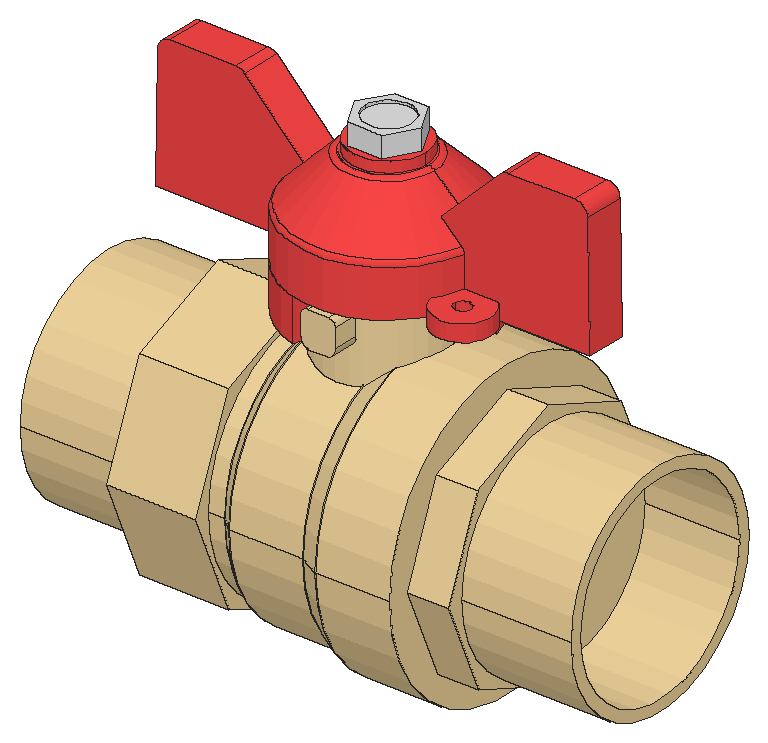
Revit family "Temper_88_КранШаровый-НН_Бабочка", category Арматура трубопроводов, Revit 2019
Family settings
  Размер круглого соединителя = Использовать диаметр
  Тип детали = Вставляется
  На основе рабочей плоскости = Нет
  Всегда вертикально = Да
  При загрузке вырезать с полостями = Нет
  Общий = Нет
Parameters (values of type "DN 20")
  Угол [instance] = 135.00°  # constant formula
  ТВ1 = "temper"  # constant formula
  ТВ = "НН"  # constant formula
  Разработчик = "https://3dbim.pro/"
  Изготовитель = "ООО «ТД «Темпер»"  # constant formula
  Длина УГО [instance] = L  # 66 mm
  L8 [instance] = S1 * 1.1  # 13.2 mm
  K1 [instance] = size_lookup(ТВ, "SW1", 10 mm, ADSK_Диаметр условный)  # 28 mm
  K [instance] = size_lookup(ТВ, "SW", 10 mm, ADSK_Диаметр условный)  # 31 mm
  S2 [instance] = size_lookup(ТВ1, "C", 10 mm, ADSK_Диаметр условный, N)  # 12 mm
  S1 [instance] = size_lookup(ТВ1, "C", 10 mm, ADSK_Диаметр условный, N)  # 12 mm
  N = 11  # constant formula
  L7 [instance] = size_lookup(ТВ, "L7", 10 mm, ADSK_Диаметр условный)  # 5 mm
  L6 [instance] = (L - L1 - L2 - L3 - L5 - L7 - 2 * L8) / 2  # 8.875 mm
  L5 [instance] = size_lookup(ТВ, "L5", 10 mm, ADSK_Диаметр условный)  # 2.6 mm
  L4 [instance] = L6  # 8.875 mm
  L3 [instance] = size_lookup(ТВ, "L3", 10 mm, ADSK_Диаметр условный)  # 1.6 mm
  L2 [instance] = size_lookup(ТВ, "L2", 10 mm, ADSK_Диаметр условный)  # 2 mm
  L1 [instance] = size_lookup(ТВ, "L1", 10 mm, ADSK_Диаметр условный)  # 10.65 mm
  L [instance] = size_lookup(ТВ1, "L", 10 mm, ADSK_Диаметр условный, N)  # 66 mm
  G1 [instance] = G * 0.9  # 23.85 mm
  G [instance] = size_lookup(ТВ, "G", 10 mm, ADSK_Диаметр условный)  # 26.5 mm
  F [instance] = size_lookup(ТВ, "F", 10 mm, ADSK_Диаметр условный)  # 15.75 mm
  ET2 [instance] = 0.21 * ET  # 8.295 mm
  ET1 [instance] = 0.4 * ET  # 15.8 mm
  ET [instance] = size_lookup(ТВ1, "B", 10 mm, ADSK_Диаметр условный, N)  # 39.5 mm
  E [instance] = size_lookup(ТВ, "E", 10 mm, ADSK_Диаметр условный)  # 33.5 mm
  D3 [instance] = size_lookup(ТВ, "D3", 10 mm, ADSK_Диаметр условный)  # 35.5 mm
  D2 [instance] = size_lookup(ТВ, "D2", 10 mm, ADSK_Диаметр условный)  # 32.75 mm
  D1 [instance] = size_lookup(ТВ, "D1", 10 mm, ADSK_Диаметр условный)  # 30 mm
  AT [instance] = size_lookup(ТВ1, "A1", 10 mm, ADSK_Диаметр условный, N)  # 52 mm
  ADSK_Этаж [instance] = ""
  ADSK_Расход жидкости [instance] = 0.0 L/s
  ADSK_Примечание [instance] = ""
  ADSK_Потеря давления жидкости [instance] = 0.0 Pa
  ADSK_Позиция = ""
  ADSK_Обозначение = "ГОСТ Р 59553-2021"  # constant formula
  ADSK_Наименование краткое = "Кран шаровой латунный Temper"  # constant formula
  ADSK_Наименование = size_lookup(ТВ1, "ADSK_Наименование", "", ADSK_Диаметр условный, N)  # "Кран шаровой латунный Temper DN20 (34”) PN40 наружнаянаружная бабочка"
  ADSK_Материал = Латунь ЛС59-1В
  ADSK_Масса_Текст = size_lookup(ТВ1, "ADSK_Масса_Текст", "", ADSK_Диаметр условный, N)  # "0.217"
  ADSK_Масса = size_lookup(ТВ1, "ADSK_Масса", 0, ADSK_Диаметр условный, N)  # 0.217
  ADSK_Марка = size_lookup(ТВ1, "ADSK_Код изделия", "", ADSK_Диаметр условный, N)  # "8820ННБ3440"
  ADSK_Количество = 1  # constant formula
  ADSK_Код изделия = size_lookup(ТВ1, "ADSK_Код изделия", "", ADSK_Диаметр условный, N)  # "8820ННБ3440"
  ADSK_Зона [instance] = ""
  ADSK_Завод-изготовитель = "ООО «ТД «Темпер»"  # constant formula
  ADSK_Единица измерения = "шт."  # constant formula
  ADSK_Диаметр условный = 20 mm
  ADSK_Группирование [instance] = ""
  ADSK_Версия семейства = "v1.0"  # constant formula
  ADSK_Версия Revit = "2019"  # constant formula
  ADSK_URL страницы изделия = "https://brass.temper.ru/en"
  ADSK_URL документации изделия = "https://brass.temper.ru/en"
Types (3, lengths in mm): name | Длина УГО | L8 | K1 | K | S2 | S1 | L7 | L6 | L4 | L3 | L1 | L | G1 | G | ET2 | ET1 | ET | E | D3 | D2 | D1 | ADSK_Наименование | ADSK_Масса_Текст | ADSK_Масса | ADSK_Марка | ADSK_Код изделия | ADSK_Диаметр условный
  (no name) | 66 | 13.2 | 28 | 31 | 12 | 12 | 5 | 8.875 | 8.875 | 1.6 | 10.65 | 66 | 23.85 | 26.5 | 8.295 | 15.8 | 39.5 | 33.5 | 35.5 | 32.75 | 30 | "Кран шаровой латунный Temper DN20 (34”) PN40 наружнаянаружная бабочка" | "0.217" | 0.217 | "8820ННБ3440" | "8820ННБ3440" | 20
  DN 15 | 64 | 12.1 | 22 | 25.5 | 11 | 11 | 7 | 8.515 | 8.515 | 1.5 | 9.67 | 64 | 19.35 | 21.5 | 7.875 | 15 | 37.5 | 32.5 | 29.5 | 26.8 | 24.5 | "Кран шаровой латунный Temper DN15 (12”) PN40 наружнаянаружная бабочка" | "0.162" | 0.162 | "8815ННБ1240" | "8815ННБ1240" | 15
  DN 20 | 66 | 13.2 | 28 | 31 | 12 | 12 | 5 | 8.875 | 8.875 | 1.6 | 10.65 | 66 | 23.85 | 26.5 | 8.295 | 15.8 | 39.5 | 33.5 | 35.5 | 32.75 | 30 | "Кран шаровой латунный Temper DN20 (34”) PN40 наружнаянаружная бабочка" | "0.217" | 0.217 | "8820ННБ3440" | "8820ННБ3440" | 20
Reference planes
  plane 1 "По центру (Вперед/Назад)": y = 0
  plane 2: z = 0
  plane 3 "По центру (Влево/Вправо)": x = 0
  plane 4: x = -20.3
  plane 5: x = 19.3
  plane 6: x = -9.65
  plane 7: x = -7.65
  plane 8: x = -6.05
  plane 9: x = 2.825
  plane 10: x = 5.425
  plane 11: x = 14.3
  plane 12: z = 23.7
  plane 13: z = 39.5
  plane 14: x = 32.5
  plane 15: x = 20.5
  plane 16: x = -33.5
  plane 17: x = -26
  plane 18: x = 26
  plane 19: x = -21.5
Forms (mm)
  Extrusion 1, solid, material "Латунь ЛС59-1В" <- "ADSK_Материал", detail levels fine
    sketch origin (-18.841, 0, -5.999) x (0, 1, 0) y (0, 0, 1)
      loop
        circle (0, 5.999) r 15
    from 9.191 to 11.191
  Extrusion 2, solid, material "Латунь ЛС59-1В" <- "ADSK_Материал", detail levels fine
    sketch origin (-18.841, -37.917, 10.096) x (0, 1, 0) y (0, 0, 1)
      loop
        circle (37.917, -10.096) r 16.375
    from 12.791 to 21.666
  Extrusion 3, solid, material "Латунь ЛС59-1В" <- "ADSK_Материал", detail levels fine
    sketch origin (-18.841, -79.208, 7.932) x (0, 1, 0) y (0, 0, 1)
      loop
        circle (79.208, -7.932) r 17.75
    from 24.266 to 33.141
  Blend 4, solid, material "Латунь ЛС59-1В" <- "ADSK_Материал", detail levels fine
    base sketch origin (-18.841, 0, -5.999) x (0, 1, 0) y (0, 0, 1)
      loop
        circle (0, 5.999) r 15
    top sketch origin (-18.841, 0, -5.999) x (0, 1, 0) y (0, 0, 1)
      loop
        circle (0, 5.999) r 16.375
    from 11.191 to 12.791
  Blend 5, solid, material "Латунь ЛС59-1В" <- "ADSK_Материал", detail levels fine
    base sketch origin (-18.841, -33.951, 12.82) x (0, 1, 0) y (0, 0, 1)
      loop
        circle (33.951, -12.82) r 17.75
    top sketch origin (-18.841, -33.951, 12.82) x (0, 1, 0) y (0, 0, 1)
      loop
        circle (33.951, -12.82) r 16.375
    from 24.266 to 21.666
  Extrusion 6, solid, material "Латунь ЛС59-1В" <- "ADSK_Материал", detail levels fine
    sketch origin (0, 0, 0) x (1, 0, 0) y (0, 1, 0)
      loop
        circle (0, 0) r 7.875
    from 0 to 23.7
  Extrusion 7, solid, material "Латунь ЛС59-1В" <- "ADSK_Материал", detail levels fine
    sketch origin (-0.106, -0.025, -0.026) x (0, 1, 0) y (0, 0, 1)
      loop
        line (-11.842, 11.885) -> (-16.752, 0.02) -> (-11.834, -11.842) -> (0.031, -16.751) -> (11.893, -11.833) -> (16.802, 0.032) -> (11.884, 11.893) -> (0.019, 16.803) -> (-11.842, 11.885)
    from -20.194 to -9.544
  Extrusion 8, solid, material "Латунь ЛС59-1В" <- "ADSK_Материал", detail levels fine
    sketch origin (87.39, -0.618, -0.151) x (0, 1, 0) y (0, 0, 1)
      loop
        line (-10.203, 10.759) -> (-14.534, 0) -> (-9.99, -10.67) -> (0.769, -15.002) -> (11.439, -10.457) -> (15.771, 0.301) -> (11.226, 10.972) -> (0.468, 15.303) -> (-10.203, 10.759)
    from -73.09 to -68.09
  Extrusion 9, void
    sketch origin (0, 0, 0) x (0, 1, 0) y (0, 0, 1)
      loop
        circle (0, 0) r 13.25
    from -20.3 to -9.4
  Extrusion 10, void
    sketch origin (0, 0, 0) x (0, 1, 0) y (0, 0, 1)
      loop
        circle (0, 0) r 11.925
    from 21.125 to 32.5
  Extrusion 11, solid, material "Латунь ЛС59-1В" <- "ADSK_Материал", detail levels fine
    sketch origin (0, 0, 0) x (0, 1, 0) y (0, 0, 1)
      loop
        circle (0, 0) r 13.25
    from 19.3 to 32.5
  Extrusion 12, solid, material "Латунь ЛС59-1В" <- "ADSK_Материал", detail levels fine
    sketch origin (0, 0, 0) x (0, 1, 0) y (0, 0, 1)
      loop
        circle (0, 0) r 13.25
    from -33.5 to -20.3
  Extrusion 13, void
    sketch origin (0, 0, 0) x (0, 1, 0) y (0, 0, 1)
      loop
        circle (0, 0) r 11.925
    from -33.5 to -21.5
Cuts and joins
  Extrusion 9, Extrusion 10, Extrusion 13 cuts Extrusion 2
  Extrusion 9, Extrusion 10, Extrusion 13 cuts Extrusion 3
  Extrusion 9, Extrusion 10, Extrusion 13 cuts Blend 5
  Extrusion 9, Extrusion 10, Extrusion 13 cuts Extrusion 6
  Extrusion 9, Extrusion 10, Extrusion 13 cuts Extrusion 8
  Extrusion 9 cuts Extrusion 7
  Extrusion 10, Extrusion 13 cuts Extrusion 11
  Extrusion 13 cuts Extrusion 12
Dimensions and locks
  "L1": plane 6 to plane 4
  "L2": plane 7 to plane 6
  "L3": plane 8 to plane 7
  "L4": plane 9 to plane 8
  "L5": plane 10 to plane 9
  "L6": plane 11 to plane 10
  "L7": plane 5 to plane 11
  "K": Extrusion 7 sketch curve to Extrusion 7 sketch curve  (x4)
  equal spacing: Extrusion 7 sketch curve, plane 1 "По центру (Вперед/Назад)", Extrusion 7 sketch curve  (x4)
  "K1": Extrusion 8 sketch curve to Extrusion 8 sketch curve  (x4)
  equal spacing: Extrusion 8 sketch curve, plane 1 "По центру (Вперед/Назад)", Extrusion 8 sketch curve  (x4)
  "ET": plane 13 to plane 2
  "ET1": plane 13 to plane 12
  "L8": plane 14 to plane 5
  "S2": plane 15 to plane 14
  "L8": plane 4 to plane 16
  plane 14 to plane 16 = 66 mm
  "E": plane 3 "По центру (Влево/Вправо)" to plane 16
  "AT": plane 17 to plane 18
  equal spacing: plane 17, plane 3 "По центру (Влево/Вправо)", plane 18
  "S2": plane 19 to plane 16
  "D1": diameter of Extrusion 1 sketch curve
  "D2": diameter of Extrusion 2 sketch curve
  "D3": diameter of Extrusion 3 sketch curve
  "D1": diameter of Blend 4 sketch curve
  "D2": diameter of Blend 4 sketch curve
  "D3": diameter of Blend 5 sketch curve
  "D2": diameter of Blend 5 sketch curve
  "F": diameter of Extrusion 6 sketch curve
  "G": diameter of Extrusion 9 sketch curve
  "G1": diameter of Extrusion 10 sketch curve
  "G": diameter of Extrusion 11 sketch curve
  "G": diameter of Extrusion 12 sketch curve
  "G1": diameter of Extrusion 13 sketch curve
  angle Extrusion 7 sketch curve to Extrusion 7 sketch curve = 135.00°  (x8)
  angle Extrusion 8 sketch curve to Extrusion 8 sketch curve = 135.00°  (x8)
  aligned and locked: level to plane 2
  aligned and locked: plane 2 to Extrusion 1 sketch curve
  aligned and locked: plane 1 "По центру (Вперед/Назад)" to Extrusion 1 sketch curve
  aligned and locked: level to Blend 4 sketch curve  (x2)
  aligned and locked: plane 1 "По центру (Вперед/Назад)" to Blend 4 sketch curve  (x2)
  aligned and locked: level to Extrusion 2 sketch curve
  aligned and locked: plane 1 "По центру (Вперед/Назад)" to Extrusion 2 sketch curve
  aligned and locked: level to Blend 5 sketch curve  (x2)
  aligned and locked: plane 1 "По центру (Вперед/Назад)" to Blend 5 sketch curve  (x2)
  aligned and locked: level to Extrusion 3 sketch curve
  aligned and locked: plane 1 "По центру (Вперед/Назад)" to Extrusion 3 sketch curve
  aligned and locked: Extrusion 1 to plane 6
  aligned and locked: plane 7 to Extrusion 1
  aligned and locked: Blend 4 to plane 7
  aligned and locked: plane 8 to Blend 4
  aligned and locked: Extrusion 2 to plane 8
  aligned and locked: plane 9 to Extrusion 2
  aligned and locked: Blend 5 to plane 9
  aligned and locked: plane 10 to Blend 5
  aligned and locked: Extrusion 3 to plane 10
  aligned and locked: plane 11 to Extrusion 3
  aligned and locked: plane 1 "По центру (Вперед/Назад)" to Extrusion 6 sketch curve
  aligned and locked: plane 3 "По центру (Влево/Вправо)" to Extrusion 6 sketch curve
  aligned and locked: Extrusion 6 to level
  aligned and locked: Extrusion 7 to plane 4
  aligned and locked: plane 6 to Extrusion 7
  aligned and locked: Extrusion 8 to plane 11
  aligned and locked: plane 5 to Extrusion 8
  aligned and locked: Extrusion 9 to plane 4
  aligned and locked: nested 1 to plane 1 "По центру (Вперед/Назад)"
  aligned and locked: plane 12 to Extrusion 6
  aligned and locked: Extrusion 11 to plane 14
  aligned and locked: Extrusion 11 to plane 5
  aligned and locked: Extrusion 10 to plane 14
  aligned and locked: nested 1 to plane 14
  aligned and locked: plane 4 to Extrusion 12
  aligned and locked: Extrusion 12 to plane 16
  aligned and locked: nested 2 to plane 12
  aligned and locked: plane 3 "По центру (Влево/Вправо)" to nested 2
  aligned and locked: plane 1 "По центру (Вперед/Назад)" to nested 2
  aligned and locked: nested 1 to Extrusion 13
  aligned and locked: plane 19 to Extrusion 13
Automatic sketch dimensions
  Extrusion 7 sketch curve to level = 0.006 mm
  Extrusion 8 sketch curve to level = 0.151 mm
  Extrusion 9 sketch curve to level = 0 mm
  Extrusion 9 sketch curve to plane 1 "По центру (Вперед/Назад)" = 0 mm
  Extrusion 10 sketch curve to level = 0 mm
  Extrusion 10 sketch curve to plane 1 "По центру (Вперед/Назад)" = 0 mm
  Extrusion 11 sketch curve to level = 0 mm
  Extrusion 11 sketch curve to plane 1 "По центру (Вперед/Назад)" = 0 mm
  Extrusion 12 sketch curve to level = 0 mm
  Extrusion 12 sketch curve to plane 1 "По центру (Вперед/Назад)" = 0 mm
  Extrusion 13 sketch curve to level = 0 mm
  Extrusion 13 sketch curve to plane 1 "По центру (Вперед/Назад)" = 0 mm
Nested families
  nested 1: "УГО_АТ_Кран шаровой проходной" at (-0.5, 0, 0) x (1, 0, 0) z (0, 1, 0), УГО_Длина <- "Длина УГО", type "УГО_АТ_Кран шаровой проходной", detail levels coarse+medium
    with УГО_Длина 66 mm, d 6.6 mm, a 33 mm
  nested 2: "Вл_бабочка" at (0, 0, 23.7), Диаметр <- "ADSK_Диаметр условный", type "Красная", detail levels fine
    with Диаметры 25 и 32 no, Диаметры 15 и 20 yes, Диаметр 20 mm
Connectors
  piping at (-33.5, 0, 0), diameter 20, driven by "ADSK_Диаметр условный", driven by "ADSK_Расход жидкости", driven by "ADSK_Потеря давления жидкости"
    settings: on cut or joined group of Extrusion 12, Extrusion 13, index 1, connector inside diameter 609.6 mm, connector length 0 mm, flow factor 0, pipe flow 0.0 L/s, pressure drop 0.0 Pa, fitting loss kfactor 0, connector angle 0.00°, fixture units 0, engagement length 0 mm, angle of deflection 0.00°, flow configuration 0, flow direction 0, fitting loss method 4, system type 29, joint type 0, gender type 0, connector reference index 2, connector utility 0, adjustable connector no, is connector primary yes, connector description ""
  piping at (32.5, 0, 0), diameter 20, driven by "ADSK_Диаметр условный", driven by "ADSK_Расход жидкости"
    settings: on cut or joined group of Extrusion 10, Extrusion 11, Extrusion 13, index 2, connector inside diameter 609.6 mm, connector length 0 mm, flow factor 0, pipe flow 0.0 L/s, pressure drop 0.0 Pa, fitting loss kfactor 0, connector angle 0.00°, fixture units 0, engagement length 0 mm, angle of deflection 0.00°, flow configuration 0, flow direction 0, fitting loss method 0, system type 29, joint type 0, gender type 0, connector reference index 1, connector utility 0, adjustable connector no, is connector primary no, connector description ""
Definition of nested family "УГО_АТ_Кран шаровой проходной"
  Parameters (values of type "УГО_АТ_Кран шаровой проходной")
    УГО_Длина [instance] = 60 mm
    d [instance] = УГО_Длина / 10  # 6 mm
    a [instance] = УГО_Длина / 2  # 30 mm
  Reference planes
    plane 1 "По центру (Вперед/Назад)": y = 0
    plane 2: z = 0
    plane 3 "По центру (Влево/Вправо)": x = 0
    plane 4: x = -30
    plane 5: x = 30
  Forms (mm)
    Extrusion 1, solid
      sketch origin (0, 0, 0) x (1, 0, 0) y (0, 0, 1)
        loop
          line (0, 0) -> (-30, 17.321) -> (-30, -17.321) -> (0, 0)
      from -0.5 to 0.5
    Extrusion 2, solid
      sketch origin (0, 0, 0) x (-1, 0, 0) y (0, 0, -1)
        loop
          line (0, 0) -> (-30, 17.321) -> (-30, -17.321) -> (0, 0)
      from -0.5 to 0.5
    Extrusion 3, solid
      sketch origin (0, 0, 0) x (1, 0, 0) y (0, 0, 1)
        loop
          circle (0, 0) r 6
      from -1 to 1
  Cuts and joins
    joined: Extrusion 1, Extrusion 2, Extrusion 3
  Dimensions and locks
    "a": plane 3 "По центру (Влево/Вправо)" to plane 4
    "a": plane 5 to plane 3 "По центру (Влево/Вправо)"
    "d": radius of Extrusion 3 sketch curve
    locked: plane 2 to Extrusion 2 sketch curve (angle 30.00°)
    locked: Extrusion 2 sketch curve to plane 2 (angle 30.00°)
    locked: Extrusion 1 sketch curve to plane 2 (angle 30.00°)
    locked: plane 2 to Extrusion 1 sketch curve (angle 30.00°)
    aligned and locked: level to plane 2
    aligned and locked: plane 3 "По центру (Влево/Вправо)" to Extrusion 3 sketch curve
    aligned and locked: plane 2 to Extrusion 3 sketch curve
  Automatic sketch dimensions
    Extrusion 1 sketch curve to plane 4 = 0 mm
    Extrusion 1 sketch curve to level = 0 mm
    Extrusion 1 sketch curve to plane 3 "По центру (Влево/Вправо)" = 0 mm
    plane 5 to Extrusion 2 sketch curve = 0 mm
    Extrusion 2 sketch curve to level = 0 mm
    Extrusion 2 sketch curve to plane 3 "По центру (Влево/Вправо)" = 0 mm
Definition of nested family "Вл_бабочка"
  Parameters (values of type "Красная")
    Материал = none
    Диаметры 25 и 32 [instance] = or(Диаметр = 25 mm, Диаметр = 32 mm)  # yes
    Диаметры 15 и 20 [instance] = or(Диаметр = 15 mm, Диаметр = 20 mm)  # no
    Диаметр [instance] = 25 mm
  Reference planes
    plane 1 "По центру (Вперед/Назад)": y = 0
    plane 2: z = 0
    plane 3 "По центру (Влево/Вправо)": x = 0
  Forms (mm)
    Revolve 1, solid, material <- "Материал", visible <- "Диаметры 15 и 20"
      sketch origin (0, 0, 0) x (1, 0, 0) y (0, 0, 1)
        loop
          line (11.2, -5) -> (11.2, 0) -> (8.506, 0) -> (8.506, -5) -> (11.2, -5)
        axis (0, 0) -> (0, -5)
      angle from 13 to 76
    Revolve 2, solid, material <- "Материал", visible <- "Диаметры 15 и 20"
      sketch origin (0, 0, 0) x (-1, 0, 0) y (0, 0, 1)
        loop
          line (11.2, -5) -> (11.2, 0) -> (8.5, 0) -> (8.5, -5) -> (11.2, -5)
        axis (0, 0) -> (0, -5)
      angle from -76 to -13
    Extrusion 3, solid, visible <- "Диаметры 15 и 20"
      sketch origin (0, 0, 0) x (1, 0, 0) y (0, 0, 1)
        loop
          arc (0.858, -5.252) -> (1.706, -4.901) -> (2.058, -4.052) r 1.2
          line (2.058, -4.052) -> (2.058, -1.792)
          arc (2.058, -1.792) -> (1.824, -1.227) -> (1.258, -0.992) r 0.8
          line (1.258, -0.992) -> (-1.258, -0.992)
          arc (-1.258, -0.992) -> (-1.824, -1.227) -> (-2.058, -1.792) r 0.8
          line (-2.058, -1.792) -> (-2.058, -4.052)
          arc (-2.058, -4.052) -> (-1.706, -4.901) -> (-0.858, -5.252) r 1.2
          line (-0.858, -5.252) -> (0.858, -5.252)
      from 0 to 10.5
    Revolve 4, solid, material <- "Материал", visible <- "Диаметры 15 и 20"
      sketch origin (0, 0, 0) x (1, 0, 0) y (0, 0, 1)
        loop
          line (-5.543, 11.707) -> (-10.907, 6.343)
          arc (-10.907, 6.343) -> (-11.124, 6.018) -> (-11.2, 5.636) r 1
          line (-11.2, 5.636) -> (-11.2, 0) -> (0, 0) -> (0, 12) -> (-4.836, 12)
          arc (-4.836, 12) -> (-5.218, 11.924) -> (-5.543, 11.707) r 1
        axis (0, 0) -> (0, 12)
      angle from 0 to 360
    Extrusion 5, solid, material <- "Материал", visible <- "Диаметры 15 и 20"
      sketch origin (0, 0, 0) x (1, 0, 0) y (0, 0, 1)
        loop
          line (26, 0) -> (25.773, 14.773)
          arc (25.773, 14.773) -> (25.325, 15.819) -> (24.273, 16.25) r 1.5
          line (24.273, 16.25) -> (16.371, 16.25)
          arc (16.371, 16.25) -> (15.797, 16.136) -> (15.311, 15.811) r 1.5
          line (15.311, 15.811) -> (1.71, 2.21) -> (1.71, 0) -> (26, 0)
        loop
          line (-26, 0) -> (-1.71, 0) -> (-1.71, 2.21) -> (-15.311, 15.811)
          arc (-15.311, 15.811) -> (-15.797, 16.136) -> (-16.371, 16.25) r 1.5
          line (-16.371, 16.25) -> (-24.273, 16.25)
          arc (-24.273, 16.25) -> (-25.325, 15.819) -> (-25.773, 14.773) r 1.5
          line (-25.773, 14.773) -> (-26, 0)
      from 2.375 to -2.375
    Extrusion 6, solid, material <- "Материал", visible <- "Диаметры 15 и 20"
      sketch origin (0, 0, 0) x (1, 0, 0) y (0, 1, 0)
        loop
          circle (0, 0) r 4.5
      from 12 to 13.27
    Extrusion 7, solid, visible <- "Диаметры 15 и 20"
      sketch origin (0, 0, 0) x (1, 0, 0) y (0, 1, 0)
        loop
          line (-2.021, 3.5) -> (-4.041, 0) -> (-2.021, -3.5) -> (2.021, -3.5) -> (4.041, 0) -> (2.021, 3.5) -> (-2.021, 3.5)
        loop
          circle (0, 0) r 2.8
      from 13.27 to 15.77
    Extrusion 8, solid, visible <- "Диаметры 15 и 20"
      sketch origin (0, 0, 0) x (1, 0, 0) y (0, 1, 0)
        loop
          circle (0, 0) r 2.8
      from 13.27 to 15.5
    Extrusion 9, solid, material <- "Материал", visible <- "Диаметры 15 и 20"
      sketch origin (0, 0, 0) x (1, 0, 0) y (0, 1, 0)
        loop
          arc (9.664, -5.661) -> (14.777, -7.992) -> (14.953, -2.375) r 3.375
          line (14.953, -2.375) -> (10.945, -2.375)
          arc (10.945, -2.375) -> (10.435, -4.069) -> (9.664, -5.661) r 11.2
        loop
          arc (14.953, 2.375) -> (14.777, 7.992) -> (9.664, 5.661) r 3.375
          arc (9.664, 5.661) -> (10.435, 4.069) -> (10.945, 2.375) r 11.2
          line (10.945, 2.375) -> (14.953, 2.375)
        loop
          circle (12.996, 5.125) r 1
        loop
          circle (12.996, -5.125) r 1
      from 0 to 2
    Extrusion 10, solid, material <- "Материал", visible <- "Диаметры 25 и 32"
      sketch origin (0, 0, 0) x (1, 0, 0) y (0, 0, 1)
        loop
          line (-32.134, 16.772) -> (-32.5, 0) -> (-6.434, 0) -> (-18.564, 17.324)
          arc (-18.564, 17.324) -> (-18.922, 17.637) -> (-19.383, 17.75) r 1
          line (-19.383, 17.75) -> (-31.134, 17.75)
          arc (-31.134, 17.75) -> (-31.834, 17.465) -> (-32.134, 16.772) r 1
        loop
          arc (32.134, 16.772) -> (31.834, 17.465) -> (31.134, 17.75) r 1
          line (31.134, 17.75) -> (19.383, 17.75)
          arc (19.383, 17.75) -> (18.922, 17.637) -> (18.564, 17.324) r 1
          line (18.564, 17.324) -> (6.434, 0) -> (32.5, 0) -> (32.134, 16.772)
      from -2.625 to 2.625
    Revolve 11, solid, material <- "Материал", visible <- "Диаметры 25 и 32"
      sketch origin (0, 0, 0) x (1, 0, 0) y (0, 0, 1)
        loop
          line (-15.1, 0) -> (0, 0) -> (0, 8.75) -> (-8.969, 8.75)
          arc (-8.969, 8.75) -> (-9.359, 8.707) -> (-9.73, 8.581) r 1.8
          line (-9.73, 8.581) -> (-14.465, 6.373)
          arc (-14.465, 6.373) -> (-14.928, 5.968) -> (-15.1, 5.377) r 1.1
          line (-15.1, 5.377) -> (-15.1, 0)
        axis (0, 0) -> (0, 8.75)
      angle from 0 to 360
    Revolve 12, solid, material <- "Материал", visible <- "Диаметры 25 и 32"
      sketch origin (0, 0, 0) x (1, 0, 0) y (0, 0, 1)
        loop
          line (15.1, -6) -> (15.1, 0) -> (11.5, 0) -> (11.5, -6) -> (15.1, -6)
        axis (0, -6) -> (0, 0)
      angle from 13 to 76
    Revolve 13, solid, material <- "Материал", visible <- "Диаметры 25 и 32"
      sketch origin (0, 0, 0) x (-1, 0, 0) y (0, 0, 1)
        loop
          line (15.1, -6) -> (15.1, 0) -> (11.5, 0) -> (11.5, -6) -> (15.1, -6)
        axis (0, -6) -> (0, 0)
      angle from -13 to -76
    Extrusion 14, solid, visible <- "Диаметры 25 и 32"
      sketch origin (0, 0, 0) x (1, 0, 0) y (0, 0, 1)
        loop
          arc (2.5, -1.6) -> (2.031, -0.469) -> (0.9, 0) r 1.6
          line (0.9, 0) -> (-0.9, 0)
          arc (-0.9, 0) -> (-2.031, -0.469) -> (-2.5, -1.6) r 1.6
          line (-2.5, -1.6) -> (-2.5, -4.7)
          arc (-2.5, -4.7) -> (-1.973, -5.973) -> (-0.7, -6.5) r 1.8
          line (-0.7, -6.5) -> (0.7, -6.5)
          arc (0.7, -6.5) -> (1.973, -5.973) -> (2.5, -4.7) r 1.8
          line (2.5, -4.7) -> (2.5, -1.6)
      from 0 to 14
    Extrusion 15, solid, visible <- "Диаметры 25 и 32"
      sketch origin (0, 0, 0) x (1, 0, 0) y (0, 1, 0)
        loop
          line (-0.604, 7.074) -> (-5.963, 3.855)
          arc (-5.963, 3.855) -> (-6.21, 3.442) -> (-6.429, 3.014) r 7.1
          line (-6.429, 3.014) -> (-6.319, -3.236)
          arc (-6.319, -3.236) -> (-6.086, -3.657) -> (-5.824, -4.06) r 7.1
          line (-5.824, -4.06) -> (-0.357, -7.091)
          arc (-0.357, -7.091) -> (0.124, -7.099) -> (0.604, -7.074) r 7.1
          line (0.604, -7.074) -> (5.963, -3.855)
          arc (5.963, -3.855) -> (6.21, -3.442) -> (6.429, -3.014) r 7.1
          line (6.429, -3.014) -> (6.319, 3.236)
          arc (6.319, 3.236) -> (6.086, 3.657) -> (5.824, 4.06) r 7.1
          line (5.824, 4.06) -> (0.357, 7.091)
          arc (0.357, 7.091) -> (-0.124, 7.099) -> (-0.604, 7.074) r 7.1
        loop
          circle (0, 0) r 4.2
      from 8.75 to 13.75
    Extrusion 16, solid, visible <- "Диаметры 25 и 32"
      sketch origin (0, 0, 0) x (1, 0, 0) y (0, 1, 0)
        loop
          line (2.66, 3.25) -> (-2.66, 3.25)
          arc (-2.66, 3.25) -> (-4.2, 0) -> (-2.66, -3.25) r 4.2
          line (-2.66, -3.25) -> (2.66, -3.25)
          arc (2.66, -3.25) -> (4.2, 0) -> (2.66, 3.25) r 4.2
      from 8.75 to 15
    Extrusion 17, solid, material <- "Материал", visible <- "Диаметры 25 и 32"
      sketch origin (0, 0, 0) x (1, 0, 0) y (0, 1, 0)
        loop
          circle (-15.906, 3.882) r 3
        loop
          circle (15.906, -3.882) r 3
        loop
          circle (-15.906, 3.882) r 1.25
        loop
          circle (15.906, -3.882) r 1.25
      from 0 to 2.5
  Cuts and joins
    joined: Revolve 4, Extrusion 5
    joined: Extrusion 10, Revolve 11
  Dimensions and locks
    aligned and locked: level to plane 2
